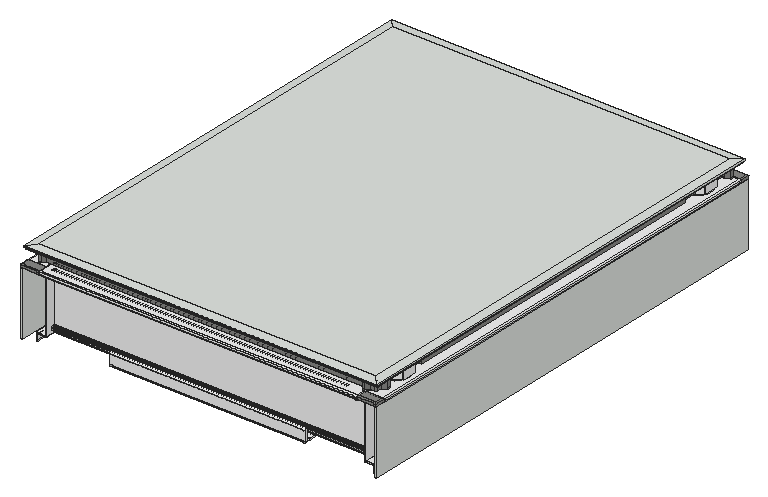
Revit family "Furniture-Mirror_Cabinet-KOHLER-Elosis-K-15031T", category Casework, host Face, Revit 2021
Family settings
  Host = Face
  OmniClass Number = 23.25.53.11.13.11
  OmniClass Title = Medicine Cabinet
  Cut with Voids When Loaded = No
  Shared = No
  Room Calculation Point = No
Parameters (values of type "NA-Mild Silver")
  Width = 20"  # constant formula
  WaterSense Certified = 1 = 0  # no
  URL = "http://www.kohler.com.cn/"
  Type = 1
  Product Page URL = "https://www.kohler.com.cn/product/K-15031T-NA/K-15031T-NA/"
  Product Name = "Elosis\r\n"  # constant formula
  Product Documentation Link = "https://files.kohler.com.cn/pdfs/15030t_35t.pdf"
  Model = "K-15031T-NA"  # constant formula
  Material = "Aluminium"  # constant formula
  Master Format 2014 Name = "Bathroom Casework"  # constant formula
  Master Format 2014 = "12 35 30.23"  # constant formula
  Manufacturer Address = "Kohler Beijing Office (100016) 36-2-03-B, No. 88, Liuxiang Road, Beijing"  # constant formula
  Manufacturer = "Kohler Co."  # constant formula
  Product Finish = KOHLER-Metal-NA-Mild_Silver
  Height = 26 9/64"  # constant formula
  Hardware Included = 0 = 1  # no
  Finish = "KOHLER-Metal-NA-Mild_Silver"  # constant formula
  Environmental Product Declaration = ""
  Description = "Mirror Cabinet 508mm\r\n"  # constant formula
  Depth = 4 207/256"  # constant formula
  Default Elevation = 60"
  Declare Label = ""
  Date Modified = "08/01/2022"  # constant formula
  Date Created = "08/01/2022"  # constant formula
  Copyright = "Copyright Kohler Co."  # constant formula
  Contact Us = "http://www.kohler.com.cn/contact/contact-us/"
  Construction Type = "Wall Mount"  # constant formula
  Assembly Code = "E2010.30"
  ADA Compliant = 1 = 0  # no
Reference planes (in)
  plane 1 "Center (Front/Back)": y = 0
  plane 2: z = 0
  plane 3 "Center (Left/Right)": x = 0
  plane 4: y = 13.07975
  plane 5: y = -13.06087
  plane 6: x = 10
  plane 7: x = -10
  plane 8: z = 3.90945
  plane 9: z = 4.80859
  plane 10: z = 4.04724
Dimensions and locks (in)
  "Width": plane 7 to plane 6
  "Height": plane 4 to plane 5
  plane 8 to level = 3.90945"
  "Depth": plane 9 to level
  plane 7 to plane 6 = 20"
  plane 10 to plane 9 = 0.76135"
  aligned and locked: plane 2 to host face
  aligned and locked: level to host face
Automatic sketch dimensions
  host sketch curve to host sketch curve = 96"  (x2)
Nested families (in)
  nested 1: "K-15031T" at (0, 0, 0), type "K-15031T"
Definition of nested family "K-15031T"
  Parameters
    Material = none
    Default Elevation = 0"
  Reference planes (in)
    plane 1 "Center (Front/Back)": y = 0
    plane 2: z = 0
    plane 3 "Center (Left/Right)": x = 0
    plane 4: z = 4.80709
    plane 5: x = 10
    plane 6: x = -10
    plane 7: z = 4.04724
    plane 8: z = 3.90945
    plane 9: y = 13.07975
    plane 10: y = -13.06198
  Forms (in)
    Sweep 1, solid
      path origin (0, 0, 0) x (1, 0, 0) y (0, 1, 0)
        loop
          line (-9.44882, 12.44981) -> (-9.44882, -12.43198) -> (9.44882, -12.43198) -> (9.44882, 12.44981) -> (-9.44882, 12.44981)
      profile origin (0, 12.44981, 0) x (0, 1, 0) y (0, 0, 1)
        loop
          line (0, 4.80709) -> (-0.85634, 4.80709) -> (-0.85634, 4.68898) -> (0.49213, 4.68898) -> (0.49213, 4.76772) -> (0, 4.80709)
    Extrusion 2, solid
      sketch origin (0, 0, 0) x (1, 0, 0) y (0, 1, 0)
        loop
          line (-8.59248, 11.59347) -> (-8.59248, -11.57564) -> (8.59248, -11.57564) -> (8.59248, 11.59347) -> (-8.59248, 11.59347)
      from 4.68898 to 4.80709
    Extrusion 3, solid
      sketch origin (0, 0, 0) x (1, 0, 0) y (0, 0, 1)
        loop
          line (10, 0.14961) -> (10, 3.69291)
          arc (10, 3.69291) -> (9.94094, 3.7126) -> (9.88189, 3.69291) r 0.09843
          line (9.88189, 3.69291) -> (9.88189, 0.14961)
          arc (9.88189, 0.14961) -> (9.94094, 0.12992) -> (10, 0.14961) r 0.09843
      from -13.0325 to 13.02312
    Extrusion 4, solid, material <- "Material", detail levels medium+fine
      sketch origin (0, 0, 0) x (1, 0, 0) y (0, 0, 1)
        loop
          line (9.89173, 4.61351) -> (9.89173, 4.68898) -> (-9.89173, 4.68898) -> (-9.89173, 4.61294)
          arc (-9.89173, 4.61294) -> (-9.88287, 4.59154) -> (-9.86147, 4.58268) r 0.03026
          line (-9.86147, 4.58268) -> (9.8609, 4.58268)
          arc (9.8609, 4.58268) -> (9.8827, 4.59171) -> (9.89173, 4.61351) r 0.03083
      from -12.83515 to 12.83414
    Extrusion 5, solid, detail levels medium+fine
      sketch origin (0, 0, 0) x (1, 0, 0) y (0, 1, 0)
        loop
          arc (9.39961, -12.43206) -> (9.4692, -12.40323) -> (9.49803, -12.33364) r 0.09843
          line (9.49803, -12.33364) -> (9.49803, 12.3514)
          arc (9.49803, 12.3514) -> (9.4692, 12.421) -> (9.39961, 12.44983) r 0.09843
          line (9.39961, 12.44983) -> (-9.40089, 12.44983)
          arc (-9.40089, 12.44983) -> (-9.46958, 12.42138) -> (-9.49803, 12.35269) r 0.09714
          line (-9.49803, 12.35269) -> (-9.49803, -12.33307)
          arc (-9.49803, -12.33307) -> (-9.46904, -12.40307) -> (-9.39904, -12.43206) r 0.09899
          line (-9.39904, -12.43206) -> (9.39961, -12.43206)
      from 4.04724 to 4.58268
    Extrusion 6, solid, detail levels medium+fine
      sketch origin (0.01969, 0, 0) x (0, 1, 0) y (0, 0, 1)
        loop
          line (12.83515, 4.19923) -> (12.83515, 4.58268) -> (12.44145, 4.58268) -> (12.44145, 4.04724) -> (12.79024, 4.1407)
          arc (12.79024, 4.1407) -> (12.82263, 4.16234) -> (12.83515, 4.19923) r 0.06059
      from 9.04528 to 9.1437
    Extrusion 7, solid, detail levels medium+fine
      sketch origin (-2.94342, 21.15208, 0) x (1, 0, 0) y (0, 0, 1)
        loop
          line (12.83515, 4.19923) -> (12.83515, 4.58268) -> (12.44145, 4.58268) -> (12.44145, 4.04724) -> (12.79024, 4.1407)
          arc (12.79024, 4.1407) -> (12.82263, 4.16234) -> (12.83515, 4.19923) r 0.06059
      from 9.0369 to 9.13532
    Extrusion 8, solid, material <- "Material", detail levels medium+fine
      sketch origin (0, 0, 0) x (1, 0, 0) y (0, 0, 1)
        loop
          line (9.95276, 3.86614) -> (9.95276, 3.75591) -> (9.90551, 3.75591) -> (9.90551, 3.7126) -> (9.97992, 3.7126)
          arc (9.97992, 3.7126) -> (9.99412, 3.71848) -> (10, 3.73268) r 0.02008
          line (10, 3.73268) -> (10, 3.85276)
          arc (10, 3.85276) -> (9.9834, 3.89284) -> (9.94331, 3.90945) r 0.05669
          line (9.94331, 3.90945) -> (8.96116, 3.90945)
          arc (8.96116, 3.90945) -> (8.94408, 3.90237) -> (8.93701, 3.88529) r 0.02416
          line (8.93701, 3.88529) -> (8.93701, 0.39075)
          arc (8.93701, 0.39075) -> (8.94421, 0.37335) -> (8.96161, 0.36614) r 0.0246
          line (8.96161, 0.36614) -> (9.4209, 0.36614)
          arc (9.4209, 0.36614) -> (9.43508, 0.36027) -> (9.44094, 0.3461) r 0.02004
          line (9.44094, 0.3461) -> (9.44094, 0.02355)
          arc (9.44094, 0.02355) -> (9.46457, -0.00007) -> (9.48819, 0.02355) r 0.02362
          line (9.48819, 0.02355) -> (9.48819, 0.39064)
          arc (9.48819, 0.39064) -> (9.48153, 0.40672) -> (9.46544, 0.41339) r 0.02275
          line (9.46544, 0.41339) -> (9.00643, 0.41339)
          arc (9.00643, 0.41339) -> (8.99075, 0.41988) -> (8.98425, 0.43557) r 0.02218
          line (8.98425, 0.43557) -> (8.98425, 3.84525)
          arc (8.98425, 3.84525) -> (8.99037, 3.86002) -> (9.00514, 3.86614) r 0.02089
          line (9.00514, 3.86614) -> (9.95276, 3.86614)
      from -12.56794 to 12.55017
    Extrusion 9, solid, material <- "Material", detail levels medium+fine
      sketch origin (0, 0.00838, 0) x (0, 1, 0) y (0, 0, 1)
        loop
          line (-12.03192, 0.36614) -> (-11.43256, 0.36614) -> (-11.43256, 0.19291)
          arc (-11.43256, 0.19291) -> (-11.40894, 0.16929) -> (-11.38532, 0.19291) r 0.02362
          line (-11.38532, 0.19291) -> (-11.38532, 0.36614) -> (-10.89709, 0.36614)
          arc (-10.89709, 0.36614) -> (-10.88039, 0.37306) -> (-10.87347, 0.38976) r 0.02362
          arc (-10.87347, 0.38976) -> (-10.88039, 0.40647) -> (-10.89709, 0.41339) r 0.02362
          line (-10.89709, 0.41339) -> (-11.88926, 0.41339)
          arc (-11.88926, 0.41339) -> (-11.97277, 0.44798) -> (-12.00737, 0.5315) r 0.11811
          line (-12.00737, 0.5315) -> (-12.00737, 3.83071)
          arc (-12.00737, 3.83071) -> (-12.03043, 3.88639) -> (-12.08611, 3.90945) r 0.07874
          line (-12.08611, 3.90945) -> (-13.0113, 3.90945)
          arc (-13.0113, 3.90945) -> (-13.05306, 3.89215) -> (-13.07036, 3.85039) r 0.05906
          line (-13.07036, 3.85039) -> (-13.07036, 3.73219)
          arc (-13.07036, 3.73219) -> (-13.06462, 3.71834) -> (-13.05077, 3.7126) r 0.01959
          line (-13.05077, 3.7126) -> (-12.97587, 3.7126) -> (-12.97587, 3.75984) -> (-13.02312, 3.75984) -> (-13.02312, 3.84148)
          arc (-13.02312, 3.84148) -> (-13.01705, 3.85614) -> (-13.00239, 3.8622) r 0.02072
          line (-13.00239, 3.8622) -> (-12.08857, 3.8622)
          arc (-12.08857, 3.8622) -> (-12.06456, 3.85226) -> (-12.05461, 3.82825) r 0.03396
          line (-12.05461, 3.82825) -> (-12.05461, 3.65252)
          arc (-12.05461, 3.65252) -> (-12.06201, 3.6374) -> (-12.07848, 3.63395) r 0.01916
          arc (-12.07848, 3.63395) -> (-12.13583, 3.63377) -> (-12.18598, 3.60596) r 0.11519
          arc (-12.18598, 3.60596) -> (-12.18762, 3.56551) -> (-12.14723, 3.56282) r 0.029
          arc (-12.14723, 3.56282) -> (-12.04524, 3.51645) -> (-12.14614, 3.46777) r 0.06186
          arc (-12.14614, 3.46777) -> (-12.18788, 3.46363) -> (-12.18401, 3.42187) r 0.02976
          arc (-12.18401, 3.42187) -> (-12.13312, 3.39649) -> (-12.07626, 3.39678) r 0.12271
          arc (-12.07626, 3.39678) -> (-12.0613, 3.39354) -> (-12.05461, 3.37978) r 0.0175
          line (-12.05461, 3.37978) -> (-12.05461, 0.78627)
          arc (-12.05461, 0.78627) -> (-12.06154, 0.77224) -> (-12.07689, 0.7692) r 0.01768
          arc (-12.07689, 0.7692) -> (-12.13503, 0.76964) -> (-12.18598, 0.74163) r 0.11519
          arc (-12.18598, 0.74163) -> (-12.18762, 0.70118) -> (-12.14723, 0.69849) r 0.029
          arc (-12.14723, 0.69849) -> (-12.04524, 0.65212) -> (-12.14614, 0.60344) r 0.06186
          arc (-12.14614, 0.60344) -> (-12.18788, 0.59929) -> (-12.18401, 0.55753) r 0.02976
          arc (-12.18401, 0.55753) -> (-12.13289, 0.5321) -> (-12.07579, 0.53257) r 0.12271
          arc (-12.07579, 0.53257) -> (-12.06116, 0.52944) -> (-12.05461, 0.516) r 0.01707
          line (-12.05461, 0.516) -> (-12.05461, 0.38884)
          arc (-12.05461, 0.38884) -> (-12.04797, 0.37279) -> (-12.03192, 0.36614) r 0.02269
      from -8.93701 to 8.93701
    Extrusion 10, solid, material <- "Material", detail levels medium+fine
      sketch origin (0, 0, 0) x (0, -1, 0) y (0, 0, -1)
        loop
          arc (-12.04131, -0.36614) -> (-12.05736, -0.37279) -> (-12.064, -0.38884) r 0.02269
          line (-12.064, -0.38884) -> (-12.064, -0.516)
          arc (-12.064, -0.516) -> (-12.07056, -0.52944) -> (-12.08518, -0.53257) r 0.01707
          arc (-12.08518, -0.53257) -> (-12.14228, -0.5321) -> (-12.19341, -0.55753) r 0.12271
          arc (-12.19341, -0.55753) -> (-12.19727, -0.59929) -> (-12.15554, -0.60344) r 0.02976
          arc (-12.15554, -0.60344) -> (-12.05463, -0.65212) -> (-12.15662, -0.69849) r 0.06186
          arc (-12.15662, -0.69849) -> (-12.19701, -0.70118) -> (-12.19537, -0.74163) r 0.029
          arc (-12.19537, -0.74163) -> (-12.14442, -0.76964) -> (-12.08628, -0.7692) r 0.11519
          arc (-12.08628, -0.7692) -> (-12.07093, -0.77224) -> (-12.064, -0.78627) r 0.01768
          line (-12.064, -0.78627) -> (-12.064, -3.37978)
          arc (-12.064, -3.37978) -> (-12.07069, -3.39354) -> (-12.08565, -3.39678) r 0.0175
          arc (-12.08565, -3.39678) -> (-12.14252, -3.39649) -> (-12.19341, -3.42187) r 0.12271
          arc (-12.19341, -3.42187) -> (-12.19727, -3.46363) -> (-12.15554, -3.46777) r 0.02976
          arc (-12.15554, -3.46777) -> (-12.05463, -3.51645) -> (-12.15662, -3.56282) r 0.06186
          arc (-12.15662, -3.56282) -> (-12.19701, -3.56551) -> (-12.19537, -3.60596) r 0.029
          arc (-12.19537, -3.60596) -> (-12.14522, -3.63377) -> (-12.08787, -3.63395) r 0.11519
          arc (-12.08787, -3.63395) -> (-12.0714, -3.6374) -> (-12.064, -3.65252) r 0.01916
          line (-12.064, -3.65252) -> (-12.064, -3.82825)
          arc (-12.064, -3.82825) -> (-12.07395, -3.85226) -> (-12.09796, -3.8622) r 0.03396
          line (-12.09796, -3.8622) -> (-13.01179, -3.8622)
          arc (-13.01179, -3.8622) -> (-13.02644, -3.85614) -> (-13.03251, -3.84148) r 0.02072
          line (-13.03251, -3.84148) -> (-13.03251, -3.75984) -> (-12.98526, -3.75984) -> (-12.98526, -3.7126) -> (-13.06016, -3.7126)
          arc (-13.06016, -3.7126) -> (-13.07402, -3.71834) -> (-13.07975, -3.73219) r 0.01959
          line (-13.07975, -3.73219) -> (-13.07975, -3.85039)
          arc (-13.07975, -3.85039) -> (-13.06246, -3.89215) -> (-13.0207, -3.90945) r 0.05906
          line (-13.0207, -3.90945) -> (-12.0955, -3.90945)
          arc (-12.0955, -3.90945) -> (-12.03982, -3.88639) -> (-12.01676, -3.83071) r 0.07874
          line (-12.01676, -3.83071) -> (-12.01676, -0.5315)
          arc (-12.01676, -0.5315) -> (-11.98217, -0.44798) -> (-11.89865, -0.41339) r 0.11811
          line (-11.89865, -0.41339) -> (-10.90649, -0.41339)
          arc (-10.90649, -0.41339) -> (-10.88978, -0.40647) -> (-10.88286, -0.38976) r 0.02362
          arc (-10.88286, -0.38976) -> (-10.88978, -0.37306) -> (-10.90649, -0.36614) r 0.02362
          line (-10.90649, -0.36614) -> (-11.39471, -0.36614) -> (-11.39471, -0.19291)
          arc (-11.39471, -0.19291) -> (-11.41834, -0.16929) -> (-11.44196, -0.19291) r 0.02362
          line (-11.44196, -0.19291) -> (-11.44196, -0.36614) -> (-12.04131, -0.36614)
      from -8.93701 to 8.93701
    Extrusion 11, solid, material <- "Material", detail levels medium+fine
      sketch origin (0, 0, 0) x (-1, 0, 0) y (0, 0, -1)
        loop
          line (9.95276, -3.86614) -> (9.00514, -3.86614)
          arc (9.00514, -3.86614) -> (8.99037, -3.86002) -> (8.98425, -3.84525) r 0.02089
          line (8.98425, -3.84525) -> (8.98425, -0.43557)
          arc (8.98425, -0.43557) -> (8.99075, -0.41988) -> (9.00643, -0.41339) r 0.02218
          line (9.00643, -0.41339) -> (9.46544, -0.41339)
          arc (9.46544, -0.41339) -> (9.48153, -0.40672) -> (9.48819, -0.39064) r 0.02275
          line (9.48819, -0.39064) -> (9.48819, -0.02355)
          arc (9.48819, -0.02355) -> (9.46457, 0.00007) -> (9.44094, -0.02355) r 0.02362
          line (9.44094, -0.02355) -> (9.44094, -0.3461)
          arc (9.44094, -0.3461) -> (9.43508, -0.36027) -> (9.4209, -0.36614) r 0.02004
          line (9.4209, -0.36614) -> (8.96161, -0.36614)
          arc (8.96161, -0.36614) -> (8.94421, -0.37335) -> (8.93701, -0.39075) r 0.0246
          line (8.93701, -0.39075) -> (8.93701, -3.88529)
          arc (8.93701, -3.88529) -> (8.94408, -3.90237) -> (8.96116, -3.90945) r 0.02416
          line (8.96116, -3.90945) -> (9.94331, -3.90945)
          arc (9.94331, -3.90945) -> (9.9834, -3.89284) -> (10, -3.85276) r 0.05669
          line (10, -3.85276) -> (10, -3.73268)
          arc (10, -3.73268) -> (9.99412, -3.71848) -> (9.97992, -3.7126) r 0.02008
          line (9.97992, -3.7126) -> (9.90551, -3.7126) -> (9.90551, -3.75591) -> (9.95276, -3.75591) -> (9.95276, -3.86614)
      from -12.56794 to 12.55017
    Sweep 12, solid, detail levels medium+fine
      path origin (0, 0.00838, 0) x (1, 0, 0) y (0, 1, 0)
        loop
          line (9.94094, -12.55855) -> (9.94094, -13.0113) -> (8.93701, -13.0113)
      profile origin (9.94094, -12.77655, 0) x (1, 0, 0) y (0, 0, 1)
        loop
          line (0.00471, 3.90945) -> (-0.16579, 3.90945) -> (-0.16579, 3.72835) -> (0.05906, 3.72835) -> (0.05906, 3.8551)
          arc (0.05906, 3.8551) -> (0.04314, 3.89353) -> (0.00471, 3.90945) r 0.05434
    Extrusion 13, solid, detail levels medium+fine
      sketch origin (10, -13.07036, 3.90945) x (-1, 0, 0) y (0, -1, 0)
        loop
          line (0.22485, -0.22485) -> (0.22485, -0.52019) -> (1.06299, -0.52019) -> (1.06299, -0.22485) -> (0.22485, -0.22485)
      from 0 to -0.1811
    Sweep 14, solid, detail levels medium+fine
      path origin (0, 0.00838, 0) x (-1, 0, 0) y (0, 1, 0)
        loop
          line (9.94094, -12.55855) -> (9.94094, -13.0113) -> (8.93701, -13.0113)
      profile origin (-9.94094, -12.77655, 0) x (1, 0, 0) y (0, 0, 1)
        loop
          arc (-0.00471, 3.90945) -> (-0.04314, 3.89353) -> (-0.05906, 3.8551) r 0.05434
          line (-0.05906, 3.8551) -> (-0.05906, 3.72835) -> (0.16579, 3.72835) -> (0.16579, 3.90945) -> (-0.00471, 3.90945)
    Extrusion 15, solid, detail levels medium+fine
      sketch origin (-10, -13.07036, 3.90945) x (1, 0, 0) y (0, 1, 0)
        loop
          line (0.22485, 0.22485) -> (1.06299, 0.22485) -> (1.06299, 0.52019) -> (0.22485, 0.52019) -> (0.22485, 0.22485)
      from 0 to -0.1811
    Sweep 16, solid, detail levels medium+fine
      path origin (0, 0.00939, 0) x (-1, 0, 0) y (0, -1, 0)
        loop
          line (9.94094, -12.55855) -> (9.94094, -13.0113) -> (8.93701, -13.0113)
      profile origin (-9.94094, 12.79432, 0) x (-1, 0, 0) y (0, 0, 1)
        loop
          line (0.00471, 3.90945) -> (-0.16579, 3.90945) -> (-0.16579, 3.72835) -> (0.05906, 3.72835) -> (0.05906, 3.8551)
          arc (0.05906, 3.8551) -> (0.04314, 3.89353) -> (0.00471, 3.90945) r 0.05434
    Extrusion 17, solid, detail levels medium+fine
      sketch origin (-10, 13.07036, 3.90945) x (1, 0, 0) y (0, 1, 0)
        loop
          line (0.22485, -0.21545) -> (0.22485, -0.50242) -> (1.06299, -0.50242) -> (1.06299, -0.21545) -> (0.22485, -0.21545)
      from 0 to -0.1811
    Sweep 18, solid, detail levels medium+fine
      path origin (0, 0.00939, 0) x (1, 0, 0) y (0, -1, 0)
        loop
          line (9.94094, -12.55855) -> (9.94094, -13.0113) -> (8.93701, -13.0113)
      profile origin (9.94094, 12.79432, 0) x (-1, 0, 0) y (0, 0, 1)
        loop
          arc (-0.00471, 3.90945) -> (-0.04314, 3.89353) -> (-0.05906, 3.8551) r 0.05434
          line (-0.05906, 3.8551) -> (-0.05906, 3.72835) -> (0.16579, 3.72835) -> (0.16579, 3.90945) -> (-0.00471, 3.90945)
    Extrusion 19, solid, detail levels medium+fine
      sketch origin (10, 13.07036, 3.90945) x (-1, 0, 0) y (0, -1, 0)
        loop
          line (0.22485, 0.1738) -> (1.06299, 0.1738) -> (1.06299, 0.50242) -> (0.22485, 0.50242) -> (0.22485, 0.1738)
      from 0 to -0.1811
    Extrusion 20, solid, material <- "Material", detail levels medium+fine
      sketch origin (-8.43307, 13.05169, 0.01969) x (-1, 0, 0) y (0, 0, 1)
        loop
          line (0.47244, 0.07874) -> (-0.47244, 0.07874)
          arc (-0.47244, 0.07874) -> (-0.52812, 0.1018) -> (-0.55118, 0.15748) r 0.07874
          line (-0.55118, 0.15748) -> (-0.55118, 0.55118) -> (-0.62992, 0.55118) -> (-0.62992, 0.15748)
          arc (-0.62992, 0.15748) -> (-0.5838, 0.04612) -> (-0.47244, 0) r 0.15748
          line (-0.47244, 0) -> (0.47244, 0)
          arc (0.47244, 0) -> (0.5838, 0.04612) -> (0.62992, 0.15748) r 0.15748
          line (0.62992, 0.15748) -> (0.62992, 0.55118) -> (0.55118, 0.55118) -> (0.55118, 0.15748)
          arc (0.55118, 0.15748) -> (0.52812, 0.1018) -> (0.47244, 0.07874) r 0.07874
      from -0.9252 to 0
    Extrusion 21, solid, material <- "Material", detail levels medium+fine
      sketch origin (8.43307, 13.05169, 0.01969) x (1, 0, 0) y (0, 0, -1)
        loop
          arc (0.47244, -0.07874) -> (0.52812, -0.1018) -> (0.55118, -0.15748) r 0.07874
          line (0.55118, -0.15748) -> (0.55118, -0.55118) -> (0.62992, -0.55118) -> (0.62992, -0.15748)
          arc (0.62992, -0.15748) -> (0.5838, -0.04612) -> (0.47244, 0) r 0.15748
          line (0.47244, 0) -> (-0.47244, 0)
          arc (-0.47244, 0) -> (-0.5838, -0.04612) -> (-0.62992, -0.15748) r 0.15748
          line (-0.62992, -0.15748) -> (-0.62992, -0.55118) -> (-0.55118, -0.55118) -> (-0.55118, -0.15748)
          arc (-0.55118, -0.15748) -> (-0.52812, -0.1018) -> (-0.47244, -0.07874) r 0.07874
          line (-0.47244, -0.07874) -> (0.47244, -0.07874)
      from -0.9252 to 0
    Extrusion 22, solid, material <- "Material", detail levels medium+fine
      sketch origin (9.37402, 9.09499, 3.27953) x (1, 0, 0) y (0, 1, 0)
        loop
          line (-0.0315, 1.86024) -> (-0.0315, 1.185)
          arc (-0.0315, 1.185) -> (-0.03525, 1.16654) -> (-0.04592, 1.15101) r 0.04724
          line (-0.04592, 1.15101) -> (-0.23186, 0.97145)
          arc (-0.23186, 0.97145) -> (-0.24965, 0.94558) -> (-0.25591, 0.91481) r 0.07874
          line (-0.25591, 0.91481) -> (-0.25591, -0.91481)
          arc (-0.25591, -0.91481) -> (-0.24965, -0.94558) -> (-0.23186, -0.97145) r 0.07874
          line (-0.23186, -0.97145) -> (-0.04592, -1.15101)
          arc (-0.04592, -1.15101) -> (-0.03525, -1.16654) -> (-0.0315, -1.185) r 0.04724
          line (-0.0315, -1.185) -> (-0.0315, -1.86024) -> (0, -1.86024) -> (0, -1.185)
          arc (0, -1.185) -> (-0.00626, -1.15423) -> (-0.02404, -1.12836) r 0.07874
          line (-0.02404, -1.12836) -> (-0.20998, -0.9488)
          arc (-0.20998, -0.9488) -> (-0.22065, -0.93327) -> (-0.22441, -0.91481) r 0.04724
          line (-0.22441, -0.91481) -> (-0.22441, 0.91481)
          arc (-0.22441, 0.91481) -> (-0.22065, 0.93327) -> (-0.20998, 0.9488) r 0.04724
          line (-0.20998, 0.9488) -> (-0.02404, 1.12836)
          arc (-0.02404, 1.12836) -> (-0.00626, 1.15423) -> (0, 1.185) r 0.07874
          line (0, 1.185) -> (0, 1.86024) -> (-0.0315, 1.86024)
      from -2.75591 to 0
    Extrusion 23, solid, material <- "Material", detail levels medium+fine
      sketch origin (9.37402, -9.09499, 3.27953) x (1, 0, 0) y (0, 1, 0)
        loop
          line (-0.0315, -1.86024) -> (0, -1.86024) -> (0, -1.185)
          arc (0, -1.185) -> (-0.00626, -1.15423) -> (-0.02404, -1.12836) r 0.07874
          line (-0.02404, -1.12836) -> (-0.20998, -0.9488)
          arc (-0.20998, -0.9488) -> (-0.22065, -0.93327) -> (-0.22441, -0.91481) r 0.04724
          line (-0.22441, -0.91481) -> (-0.22441, 0.91481)
          arc (-0.22441, 0.91481) -> (-0.22065, 0.93327) -> (-0.20998, 0.9488) r 0.04724
          line (-0.20998, 0.9488) -> (-0.02404, 1.12836)
          arc (-0.02404, 1.12836) -> (-0.00626, 1.15423) -> (0, 1.185) r 0.07874
          line (0, 1.185) -> (0, 1.86024) -> (-0.0315, 1.86024) -> (-0.0315, 1.185)
          arc (-0.0315, 1.185) -> (-0.03525, 1.16654) -> (-0.04592, 1.15101) r 0.04724
          line (-0.04592, 1.15101) -> (-0.23186, 0.97145)
          arc (-0.23186, 0.97145) -> (-0.24965, 0.94558) -> (-0.25591, 0.91481) r 0.07874
          line (-0.25591, 0.91481) -> (-0.25591, -0.91481)
          arc (-0.25591, -0.91481) -> (-0.24965, -0.94558) -> (-0.23186, -0.97145) r 0.07874
          line (-0.23186, -0.97145) -> (-0.04592, -1.15101)
          arc (-0.04592, -1.15101) -> (-0.03525, -1.16654) -> (-0.0315, -1.185) r 0.04724
          line (-0.0315, -1.185) -> (-0.0315, -1.86024)
      from -2.75591 to 0
    Extrusion 24, solid, material <- "Material", detail levels medium+fine
      sketch origin (9.37402, 9.09499, 3.27953) x (1, 0, 0) y (0, 1, 0)
        loop
          line (-0.0315, 1.86024) -> (-0.0315, 1.185)
          arc (-0.0315, 1.185) -> (-0.03525, 1.16654) -> (-0.04592, 1.15101) r 0.04724
          line (-0.04592, 1.15101) -> (-0.23186, 0.97145)
          arc (-0.23186, 0.97145) -> (-0.24965, 0.94558) -> (-0.25591, 0.91481) r 0.07874
          line (-0.25591, 0.91481) -> (-0.25591, -0.91481)
          arc (-0.25591, -0.91481) -> (-0.24965, -0.94558) -> (-0.23186, -0.97145) r 0.07874
          line (-0.23186, -0.97145) -> (-0.04592, -1.15101)
          arc (-0.04592, -1.15101) -> (-0.03525, -1.16654) -> (-0.0315, -1.185) r 0.04724
          line (-0.0315, -1.185) -> (-0.0315, -1.86024) -> (0, -1.86024) -> (0, -1.185)
          arc (0, -1.185) -> (-0.00626, -1.15423) -> (-0.02404, -1.12836) r 0.07874
          line (-0.02404, -1.12836) -> (-0.20998, -0.9488)
          arc (-0.20998, -0.9488) -> (-0.22065, -0.93327) -> (-0.22441, -0.91481) r 0.04724
          line (-0.22441, -0.91481) -> (-0.22441, 0.91481)
          arc (-0.22441, 0.91481) -> (-0.22065, 0.93327) -> (-0.20998, 0.9488) r 0.04724
          line (-0.20998, 0.9488) -> (-0.02404, 1.12836)
          arc (-0.02404, 1.12836) -> (-0.00626, 1.15423) -> (0, 1.185) r 0.07874
          line (0, 1.185) -> (0, 1.86024) -> (-0.0315, 1.86024)
      from -2.75591 to 0
    Extrusion 25, solid, material <- "Material", detail levels medium+fine
      sketch origin (-9.37402, 9.09499, 3.27953) x (-1, 0, 0) y (0, -1, 0)
        loop
          line (-0.0315, -1.86024) -> (0, -1.86024) -> (0, -1.185)
          arc (0, -1.185) -> (-0.00626, -1.15423) -> (-0.02404, -1.12836) r 0.07874
          line (-0.02404, -1.12836) -> (-0.20998, -0.9488)
          arc (-0.20998, -0.9488) -> (-0.22065, -0.93327) -> (-0.22441, -0.91481) r 0.04724
          line (-0.22441, -0.91481) -> (-0.22441, 0.91481)
          arc (-0.22441, 0.91481) -> (-0.22065, 0.93327) -> (-0.20998, 0.9488) r 0.04724
          line (-0.20998, 0.9488) -> (-0.02404, 1.12836)
          arc (-0.02404, 1.12836) -> (-0.00626, 1.15423) -> (0, 1.185) r 0.07874
          line (0, 1.185) -> (0, 1.86024) -> (-0.0315, 1.86024) -> (-0.0315, 1.185)
          arc (-0.0315, 1.185) -> (-0.03525, 1.16654) -> (-0.04592, 1.15101) r 0.04724
          line (-0.04592, 1.15101) -> (-0.23186, 0.97145)
          arc (-0.23186, 0.97145) -> (-0.24965, 0.94558) -> (-0.25591, 0.91481) r 0.07874
          line (-0.25591, 0.91481) -> (-0.25591, -0.91481)
          arc (-0.25591, -0.91481) -> (-0.24965, -0.94558) -> (-0.23186, -0.97145) r 0.07874
          line (-0.23186, -0.97145) -> (-0.04592, -1.15101)
          arc (-0.04592, -1.15101) -> (-0.03525, -1.16654) -> (-0.0315, -1.185) r 0.04724
          line (-0.0315, -1.185) -> (-0.0315, -1.86024)
      from -2.75591 to 0
    Extrusion 26, solid, material <- "Material", detail levels medium+fine
      sketch origin (-9.37402, -9.09499, 3.27953) x (-1, 0, 0) y (0, -1, 0)
        loop
          line (-0.0315, 1.86024) -> (-0.0315, 1.185)
          arc (-0.0315, 1.185) -> (-0.03525, 1.16654) -> (-0.04592, 1.15101) r 0.04724
          line (-0.04592, 1.15101) -> (-0.23186, 0.97145)
          arc (-0.23186, 0.97145) -> (-0.24965, 0.94558) -> (-0.25591, 0.91481) r 0.07874
          line (-0.25591, 0.91481) -> (-0.25591, -0.91481)
          arc (-0.25591, -0.91481) -> (-0.24965, -0.94558) -> (-0.23186, -0.97145) r 0.07874
          line (-0.23186, -0.97145) -> (-0.04592, -1.15101)
          arc (-0.04592, -1.15101) -> (-0.03525, -1.16654) -> (-0.0315, -1.185) r 0.04724
          line (-0.0315, -1.185) -> (-0.0315, -1.86024) -> (0, -1.86024) -> (0, -1.185)
          arc (0, -1.185) -> (-0.00626, -1.15423) -> (-0.02404, -1.12836) r 0.07874
          line (-0.02404, -1.12836) -> (-0.20998, -0.9488)
          arc (-0.20998, -0.9488) -> (-0.22065, -0.93327) -> (-0.22441, -0.91481) r 0.04724
          line (-0.22441, -0.91481) -> (-0.22441, 0.91481)
          arc (-0.22441, 0.91481) -> (-0.22065, 0.93327) -> (-0.20998, 0.9488) r 0.04724
          line (-0.20998, 0.9488) -> (-0.02404, 1.12836)
          arc (-0.02404, 1.12836) -> (-0.00626, 1.15423) -> (0, 1.185) r 0.07874
          line (0, 1.185) -> (0, 1.86024) -> (-0.0315, 1.86024)
      from -2.75591 to 0
    Extrusion 27, solid, material <- "Material", detail levels medium+fine
      sketch origin (8.75, 10.6192, 4.1063) x (0, -1, 0) y (1, 0, 0)
        loop
          line (-0.3937, 1.14173) -> (-0.3937, 1.03624)
          arc (-0.3937, 1.03624) -> (0, -0.4346) -> (0.3937, 1.03624) r 0.78811
          line (0.3937, 1.03624) -> (0.3937, 1.14173) -> (-0.3937, 1.14173)
      from 0.05906 to 0.47638
    Extrusion 28, solid
      sketch origin (0, 0, 0) x (-1, 0, 0) y (0, 0, -1)
        loop
          arc (10, -0.14961) -> (9.94094, -0.12992) -> (9.88189, -0.14961) r 0.09843
          line (9.88189, -0.14961) -> (9.88189, -3.69291)
          arc (9.88189, -3.69291) -> (9.94094, -3.7126) -> (10, -3.69291) r 0.09843
          line (10, -3.69291) -> (10, -0.14961)
      from -13.0325 to 13.02312
    Extrusion 29, solid, detail levels medium+fine
      sketch origin (2.94342, 21.15208, 0) x (-1, 0, 0) y (0, 0, -1)
        loop
          arc (12.83515, -4.19923) -> (12.82263, -4.16234) -> (12.79024, -4.1407) r 0.06059
          line (12.79024, -4.1407) -> (12.44145, -4.04724) -> (12.44145, -4.58268) -> (12.83515, -4.58268) -> (12.83515, -4.19923)
      from 9.0369 to 9.13532
    Extrusion 30, solid, detail levels medium+fine
      sketch origin (-0.01969, 0, 0) x (0, 1, 0) y (0, 0, -1)
        loop
          arc (12.83515, -4.19923) -> (12.82263, -4.16234) -> (12.79024, -4.1407) r 0.06059
          line (12.79024, -4.1407) -> (12.44145, -4.04724) -> (12.44145, -4.58268) -> (12.83515, -4.58268) -> (12.83515, -4.19923)
      from 9.04528 to 9.1437
    Extrusion 31, solid, material <- "Material", detail levels medium+fine
      sketch origin (8.75, 10.61074, 4.1063) x (0, -1, 0) y (1, 0, 0)
        loop
          line (-0.86741, 0.47244) -> (-1.13051, 0.47244)
          arc (-1.13051, 0.47244) -> (-1.2001, 0.44361) -> (-1.22893, 0.37402) r 0.09843
          line (-1.22893, 0.37402) -> (-1.22893, -0.27559)
          arc (-1.22893, -0.27559) -> (-1.2001, -0.34519) -> (-1.13051, -0.37402) r 0.09843
          line (-1.13051, -0.37402) -> (1.11359, -0.37402)
          arc (1.11359, -0.37402) -> (1.18319, -0.34519) -> (1.21201, -0.27559) r 0.09843
          line (1.21201, -0.27559) -> (1.21201, 0.37402)
          arc (1.21201, 0.37402) -> (1.18319, 0.44361) -> (1.11359, 0.47244) r 0.09843
          line (1.11359, 0.47244) -> (0.8505, 0.47244)
          arc (0.8505, 0.47244) -> (0.79, 0.49323) -> (0.75506, 0.54681) r 0.09843
          arc (0.75506, 0.54681) -> (-0.00846, 1.14173) -> (-0.77197, 0.54681) r 0.7874
          arc (-0.77197, 0.54681) -> (-0.80692, 0.49323) -> (-0.86741, 0.47244) r 0.09843
      from 0 to 0.05906
    Extrusion 32, solid, material <- "Material", detail levels medium+fine
      sketch origin (0, 0, 0) x (1, 0, 0) y (0, 0, 1)
        loop
          line (9.18401, 4.04724) -> (9.12402, 4.04724)
          arc (9.12402, 4.04724) -> (9.07917, 3.9901) -> (9.00981, 3.9685) r 0.1222
          line (9.00981, 3.9685) -> (8.95669, 3.9685)
          arc (8.95669, 3.9685) -> (8.90102, 3.94544) -> (8.87795, 3.88976) r 0.07874
          line (8.87795, 3.88976) -> (8.87795, 3.14173)
          arc (8.87795, 3.14173) -> (8.90102, 3.08605) -> (8.95669, 3.06299) r 0.07874
          line (8.95669, 3.06299) -> (9.05512, 3.06299) -> (9.05512, 3.12205) -> (8.95669, 3.12205)
          arc (8.95669, 3.12205) -> (8.94277, 3.12781) -> (8.93701, 3.14173) r 0.01969
          line (8.93701, 3.14173) -> (8.93701, 3.88976)
          arc (8.93701, 3.88976) -> (8.94277, 3.90368) -> (8.95669, 3.90945) r 0.01969
          line (8.95669, 3.90945) -> (9.13386, 3.90945) -> (9.18401, 4.04724)
      from -11.21951 to -10.01873
    Sweep 33, solid, material <- "Material", detail levels medium+fine
      path origin (0, 0, 0) x (1, 0, 0) y (0, 1, 0)
        loop
          arc (-8.71063, 11.85928) -> (-8.80807, 11.81892) -> (-8.84843, 11.72148) r 0.1378
          line (-8.84843, 11.72148) -> (-8.84843, -11.70371)
          arc (-8.84843, -11.70371) -> (-8.80807, -11.80115) -> (-8.71063, -11.84151) r 0.1378
          line (-8.71063, -11.84151) -> (6.34843, -11.84151)
          arc (6.34843, -11.84151) -> (6.44586, -11.80115) -> (6.48622, -11.70371) r 0.1378
          line (6.48622, -11.70371) -> (6.48622, 11.72148)
          arc (6.48622, 11.72148) -> (6.44586, 11.81892) -> (6.34843, 11.85928) r 0.1378
          line (6.34843, 11.85928) -> (-8.71063, 11.85928)
      profile origin (-1.1811, 11.85928, 0) x (0, 1, 0) y (0, 0, 1)
        loop
          arc (0, 3.93817) -> (0.00841, 3.91786) -> (0.02872, 3.90945) r 0.02872
          line (0.02872, 3.90945) -> (0.07053, 3.90945)
          arc (0.07053, 3.90945) -> (0.09025, 3.91762) -> (0.09843, 3.93735) r 0.0279
          line (0.09843, 3.93735) -> (0.09843, 4.02006)
          arc (0.09843, 4.02006) -> (0.10639, 4.03928) -> (0.12561, 4.04724) r 0.02718
          line (0.12561, 4.04724) -> (0.15748, 4.04724) -> (0.15748, 4.14567) -> (0.02422, 4.14567)
          arc (0.02422, 4.14567) -> (0.00709, 4.13858) -> (0, 4.12145) r 0.02422
          line (0, 4.12145) -> (0, 3.93817)
    Extrusion 34, void
      sketch origin (0, 0, 0) x (0, 1, 0) y (0, 0, 1)
        loop
          line (9.22148, 4.18504) -> (9.22148, 3.95443) -> (12.00838, 3.95443) -> (12.00838, 4.18504) -> (9.22148, 4.18504)
      from 8.28143 to 10.08697
    Extrusion 35, solid, material <- "Material", detail levels medium+fine
      sketch origin (0, 0, 0) x (1, 0, 0) y (0, 1, 0)
        loop
          line (9.12314, 11.80022) -> (8.47441, 11.80022)
          arc (8.47441, 11.80022) -> (8.43265, 11.78293) -> (8.41535, 11.74117) r 0.05906
          line (8.41535, 11.74117) -> (8.41535, 11.34747)
          arc (8.41535, 11.34747) -> (8.43265, 11.30571) -> (8.47441, 11.28841) r 0.05906
          line (8.47441, 11.28841) -> (9.12205, 11.28841)
          arc (9.12205, 11.28841) -> (9.1652, 11.30629) -> (9.18307, 11.34944) r 0.06102
          line (9.18307, 11.34944) -> (9.18307, 11.7403)
          arc (9.18307, 11.7403) -> (9.16552, 11.78267) -> (9.12314, 11.80022) r 0.05993
        loop
          line (8.41535, 9.88974) -> (8.41535, 9.49707)
          arc (8.41535, 9.49707) -> (8.43265, 9.45531) -> (8.47441, 9.43802) r 0.05906
          line (8.47441, 9.43802) -> (9.12402, 9.43802)
          arc (9.12402, 9.43802) -> (9.16577, 9.45531) -> (9.18307, 9.49707) r 0.05906
          line (9.18307, 9.49707) -> (9.18307, 9.89077)
          arc (9.18307, 9.89077) -> (9.16577, 9.93253) -> (9.12402, 9.94983) r 0.05906
          line (9.12402, 9.94983) -> (8.47544, 9.94983)
          arc (8.47544, 9.94983) -> (8.43295, 9.93223) -> (8.41535, 9.88974) r 0.06009
      from 4.04622 to 4.1063
    Extrusion 36, solid, detail levels medium+fine
      sketch origin (0.01969, 0, 0) x (0, -1, 0) y (0, 0, -1)
        loop
          arc (12.82576, -4.19923) -> (12.81324, -4.16234) -> (12.78085, -4.1407) r 0.06059
          line (12.78085, -4.1407) -> (12.43206, -4.04724) -> (12.43206, -4.58268) -> (12.82576, -4.58268) -> (12.82576, -4.19923)
      from 9.04528 to 9.1437
    Extrusion 37, solid, detail levels medium+fine
      sketch origin (-2.94342, -21.15208, 0) x (1, 0, 0) y (0, 0, -1)
        loop
          arc (12.83515, -4.19923) -> (12.82263, -4.16234) -> (12.79024, -4.1407) r 0.06059
          line (12.79024, -4.1407) -> (12.44145, -4.04724) -> (12.44145, -4.58268) -> (12.83515, -4.58268) -> (12.83515, -4.19923)
      from 9.05466 to 9.15309
    Extrusion 38, solid, detail levels medium+fine
      sketch origin (2.94342, -21.15208, 0) x (-1, 0, 0) y (0, 0, 1)
        loop
          line (12.83515, 4.19923) -> (12.83515, 4.58268) -> (12.44145, 4.58268) -> (12.44145, 4.04724) -> (12.79024, 4.1407)
          arc (12.79024, 4.1407) -> (12.82263, 4.16234) -> (12.83515, 4.19923) r 0.06059
      from 9.05466 to 9.15309
    Extrusion 39, solid, detail levels medium+fine
      sketch origin (-0.01969, -0.04647, 0) x (0, -1, 0) y (0, 0, 1)
        loop
          line (12.77929, 4.19923) -> (12.77929, 4.58268) -> (12.38559, 4.58268) -> (12.38559, 4.04724) -> (12.73438, 4.1407)
          arc (12.73438, 4.1407) -> (12.76677, 4.16234) -> (12.77929, 4.19923) r 0.06059
      from 9.04528 to 9.1437
    Extrusion 40, solid, material <- "Material", detail levels medium+fine
      sketch origin (8.75, -10.6192, 4.1063) x (0, -1, 0) y (1, 0, 0)
        loop
          line (0.3937, 1.14173) -> (-0.3937, 1.14173) -> (-0.3937, 1.03624)
          arc (-0.3937, 1.03624) -> (0, -0.4346) -> (0.3937, 1.03624) r 0.78811
          line (0.3937, 1.03624) -> (0.3937, 1.14173)
      from 0.05906 to 0.47638
    Extrusion 41, solid, material <- "Material", detail levels medium+fine
      sketch origin (8.75, -10.61074, 4.1063) x (0, -1, 0) y (1, 0, 0)
        loop
          arc (0.86741, 0.47244) -> (0.80692, 0.49323) -> (0.77197, 0.54681) r 0.09843
          arc (0.77197, 0.54681) -> (0.00846, 1.14173) -> (-0.75506, 0.54681) r 0.7874
          arc (-0.75506, 0.54681) -> (-0.79, 0.49323) -> (-0.8505, 0.47244) r 0.09843
          line (-0.8505, 0.47244) -> (-1.11359, 0.47244)
          arc (-1.11359, 0.47244) -> (-1.18319, 0.44361) -> (-1.21201, 0.37402) r 0.09843
          line (-1.21201, 0.37402) -> (-1.21201, -0.27559)
          arc (-1.21201, -0.27559) -> (-1.18319, -0.34519) -> (-1.11359, -0.37402) r 0.09843
          line (-1.11359, -0.37402) -> (1.13051, -0.37402)
          arc (1.13051, -0.37402) -> (1.2001, -0.34519) -> (1.22893, -0.27559) r 0.09843
          line (1.22893, -0.27559) -> (1.22893, 0.37402)
          arc (1.22893, 0.37402) -> (1.2001, 0.44361) -> (1.13051, 0.47244) r 0.09843
          line (1.13051, 0.47244) -> (0.86741, 0.47244)
      from 0 to 0.05906
    Extrusion 42, solid, material <- "Material", detail levels medium+fine
      sketch origin (0, 0, 0) x (1, 0, 0) y (0, 1, 0)
        loop
          arc (9.12314, -11.80022) -> (9.16552, -11.78267) -> (9.18307, -11.7403) r 0.05993
          line (9.18307, -11.7403) -> (9.18307, -11.34944)
          arc (9.18307, -11.34944) -> (9.1652, -11.30629) -> (9.12205, -11.28841) r 0.06102
          line (9.12205, -11.28841) -> (8.47441, -11.28841)
          arc (8.47441, -11.28841) -> (8.43265, -11.30571) -> (8.41535, -11.34747) r 0.05906
          line (8.41535, -11.34747) -> (8.41535, -11.74117)
          arc (8.41535, -11.74117) -> (8.43265, -11.78293) -> (8.47441, -11.80022) r 0.05906
          line (8.47441, -11.80022) -> (9.12314, -11.80022)
        loop
          arc (8.41535, -9.88974) -> (8.43295, -9.93223) -> (8.47544, -9.94983) r 0.06009
          line (8.47544, -9.94983) -> (9.12402, -9.94983)
          arc (9.12402, -9.94983) -> (9.16577, -9.93253) -> (9.18307, -9.89077) r 0.05906
          line (9.18307, -9.89077) -> (9.18307, -9.49707)
          arc (9.18307, -9.49707) -> (9.16577, -9.45531) -> (9.12402, -9.43802) r 0.05906
          line (9.12402, -9.43802) -> (8.47441, -9.43802)
          arc (8.47441, -9.43802) -> (8.43265, -9.45531) -> (8.41535, -9.49707) r 0.05906
          line (8.41535, -9.49707) -> (8.41535, -9.88974)
      from 4.02756 to 4.1063
    Extrusion 43, solid, material <- "Material", detail levels medium+fine
      sketch origin (0, 0, 0) x (1, 0, 0) y (0, 0, -1)
        loop
          line (9.18401, -4.04724) -> (9.13386, -3.90945) -> (8.95669, -3.90945)
          arc (8.95669, -3.90945) -> (8.94277, -3.90368) -> (8.93701, -3.88976) r 0.01969
          line (8.93701, -3.88976) -> (8.93701, -3.14173)
          arc (8.93701, -3.14173) -> (8.94277, -3.12781) -> (8.95669, -3.12205) r 0.01969
          line (8.95669, -3.12205) -> (9.05512, -3.12205) -> (9.05512, -3.06299) -> (8.95669, -3.06299)
          arc (8.95669, -3.06299) -> (8.90102, -3.08605) -> (8.87795, -3.14173) r 0.07874
          line (8.87795, -3.14173) -> (8.87795, -3.88976)
          arc (8.87795, -3.88976) -> (8.90102, -3.94544) -> (8.95669, -3.9685) r 0.07874
          line (8.95669, -3.9685) -> (9.00981, -3.9685)
          arc (9.00981, -3.9685) -> (9.07917, -3.9901) -> (9.12402, -4.04724) r 0.1222
          line (9.12402, -4.04724) -> (9.18401, -4.04724)
      from -11.21951 to -10.01873
    Extrusion 44, void
      sketch origin (0, 0, 0) x (0, -1, 0) y (0, 0, -1)
        loop
          line (9.22148, -4.18504) -> (12.00838, -4.18504) -> (12.00838, -3.95443) -> (9.22148, -3.95443) -> (9.22148, -4.18504)
      from 8.28143 to 10.08697
    Extrusion 45, solid, material <- "Material", detail levels medium+fine
      sketch origin (-5.56693, -12.31395, -0.01181) x (0, 0, 1) y (0, 1, 0)
        loop
          line (0.03311, 0) -> (0.59055, 0)
          arc (0.59055, 0) -> (0.67407, 0.03459) -> (0.70866, 0.11811) r 0.11811
          line (0.70866, 0.11811) -> (0.70866, 0.25197) -> (0.64961, 0.25197) -> (0.64961, 0.11197)
          arc (0.64961, 0.11197) -> (0.63411, 0.07455) -> (0.59669, 0.05906) r 0.05291
          line (0.59669, 0.05906) -> (0.11721, 0.05906)
          arc (0.11721, 0.05906) -> (0.07609, 0.07609) -> (0.05906, 0.11721) r 0.05816
          line (0.05906, 0.11721) -> (0.05906, 0.30625) -> (0.11024, 0.35743) -> (0.11024, 0.69769) -> (0.05906, 0.74887) -> (0.05906, 0.88189) -> (0.01181, 0.88189) -> (0.01181, 0.7126) -> (0.05118, 0.67323) -> (0.05118, 0.38189) -> (0.01181, 0.34252) -> (0.01181, 0.0213)
          arc (0.01181, 0.0213) -> (0.01805, 0.00624) -> (0.03311, 0) r 0.0213
      from -11.02362 to 0
    Extrusion 46, solid
      sketch origin (0, 0, 0) x (1, 0, 0) y (0, 1, 0)
        loop
          line (9.38976, 11.3081) -> (-9.38976, 11.3081) -> (-9.38976, -11.29033) -> (9.38976, -11.29033) -> (9.38976, 11.3081)
      from 0.24803 to 0.36614
    Extrusion 47, solid, material <- "Material", detail levels medium+fine
      sketch origin (0, 0, 0) x (0, 1, 0) y (0, 0, 1)
        loop
          circle (6.00896, 3.12163) r 0.09654
        loop
          circle (6.00896, 0.87725) r 0.09654
        loop
          circle (-5.99127, 3.12163) r 0.09654
        loop
          circle (-5.99127, 0.87725) r 0.09654
      from 8.93701 to 9.23228
    Extrusion 48, solid, material <- "Material", detail levels medium+fine
      sketch origin (0, 0, 0) x (0, 1, 0) y (0, 0, -1)
        loop
          circle (6.00896, -3.12163) r 0.09654
        loop
          circle (6.00896, -0.87725) r 0.09654
        loop
          circle (-5.99127, -3.12163) r 0.09654
        loop
          circle (-5.99127, -0.87725) r 0.09654
      from 8.93701 to 9.23228
    Extrusion 49, solid, material <- "Material", detail levels coarse
      sketch origin (0, 0, 0) x (1, 0, 0) y (0, 0, 1)
        loop
          line (-10, 3.7126) -> (10, 3.7126) -> (10, 4.68898) -> (-10, 4.68898) -> (-10, 3.7126)
      from -13.07975 to 13.06198
    Extrusion 50, solid, material <- "Material", detail levels coarse
      sketch origin (0, 0, 0) x (1, 0, 0) y (0, 0, 1)
        loop
          line (9.48819, 0.36614) -> (9.48819, 3.72835) -> (-9.48819, 3.72835) -> (-9.48819, 0.36614) -> (9.48819, 0.36614)
      from -13.05169 to 13.02312
  Cuts and joins
    joined: Sweep 18, Extrusion 19
    joined: Sweep 12, Extrusion 13
    joined: Sweep 14, Extrusion 15
    joined: Sweep 16, Extrusion 17
    Extrusion 34, Extrusion 44 cuts Extrusion 5
    joined: Extrusion 5, Extrusion 29, Extrusion 38, Extrusion 39
    Extrusion 44 cuts Extrusion 31
    Extrusion 44 cuts Extrusion 35
    joined: Extrusion 31, Extrusion 35
    Extrusion 44 cuts Extrusion 32
    Extrusion 44 cuts Extrusion 27
    joined: Sweep 1, Extrusion 2
    Extrusion 44 cuts Extrusion 7
    joined: Extrusion 6, Extrusion 7, Extrusion 30, Extrusion 36, Extrusion 37
  Lines and regions (in)
    Masking region 1
      outline origin (0, 0, 0) x (1, 0, 0) y (0, 0, 1)
        loop
          line (9.94073, 3.90945) -> (9.13386, 3.90945) -> (9.18401, 4.04724) -> (9.49803, 4.04724) -> (9.71843, 4.1063) -> (9.79331, 4.1063) -> (9.81503, 4.13218) -> (9.85496, 4.14288)
          arc (9.85496, 4.14288) -> (9.88148, 4.1606) -> (9.89173, 4.1908) r 0.04961
          line (9.89173, 4.1908) -> (9.89173, 4.68898) -> (9.94094, 4.68898) -> (9.94094, 4.76772) -> (9.44882, 4.80709) -> (-9.44882, 4.80709) -> (-9.94094, 4.76772) -> (-9.94094, 4.68898) -> (-9.89173, 4.68898) -> (-9.89173, 4.19805)
          arc (-9.89173, 4.19805) -> (-9.87953, 4.1621) -> (-9.84796, 4.14101) r 0.05906
          line (-9.84796, 4.14101) -> (-9.49803, 4.04724) -> (-8.97695, 4.04724)
          arc (-8.97695, 4.04724) -> (-8.95567, 4.03843) -> (-8.94685, 4.01715) r 0.0301
          line (-8.94685, 4.01715) -> (-8.94685, 3.93898)
          arc (-8.94685, 3.93898) -> (-8.93875, 3.91864) -> (-8.91889, 3.90945) r 0.02957
          line (-8.91889, 3.90945) -> (-9.94073, 3.90945)
          arc (-9.94073, 3.90945) -> (-9.98264, 3.89209) -> (-10, 3.85017) r 0.05927
          line (-10, 3.85017) -> (-10, 3.73284)
          arc (-10, 3.73284) -> (-9.99407, 3.71853) -> (-9.97976, 3.7126) r 0.02024
          line (-9.97976, 3.7126) -> (-9.94094, 3.7126)
          arc (-9.94094, 3.7126) -> (-9.97207, 3.70755) -> (-10, 3.69291) r 0.09842
          line (-10, 3.69291) -> (-10, 0.14961)
          arc (-10, 0.14961) -> (-9.94094, 0.12951) -> (-9.88189, 0.14961) r 0.09681
          line (-9.88189, 0.14961) -> (-9.88189, 3.69291)
          arc (-9.88189, 3.69291) -> (-9.90637, 3.70637) -> (-9.93358, 3.71268) r 0.10206
          arc (-9.93358, 3.71268) -> (-9.91721, 3.7163) -> (-9.90555, 3.72835) r 0.02911
          line (-9.90555, 3.72835) -> (-8.98425, 3.72835) -> (-8.98619, 3.24816)
          arc (-8.98619, 3.24816) -> (-8.99766, 3.23548) -> (-9, 3.21854) r 0.02904
          line (-9, 3.21854) -> (-9.11811, 3.21854) -> (-9.11811, 3.27953) -> (-9.37402, 3.27953) -> (-9.37402, 0.52362) -> (-9.11811, 0.52362) -> (-9.11811, 0.78135) -> (-9, 0.78135)
          arc (-9, 0.78135) -> (-8.99787, 0.76519) -> (-8.98667, 0.75334) r 0.02646
          line (-8.98667, 0.75334) -> (-8.98517, 0.57087) -> (-9.06299, 0.57087) -> (-9.06299, 0.41339) -> (-9.46845, 0.41339)
          arc (-9.46845, 0.41339) -> (-9.48241, 0.4076) -> (-9.48819, 0.39365) r 0.01974
          line (-9.48819, 0.39365) -> (-9.48819, 0.02354)
          arc (-9.48819, 0.02354) -> (-9.46457, -0.00008) -> (-9.44094, 0.02354) r 0.02362
          line (-9.44094, 0.02354) -> (-9.44094, 0.36614) -> (-9.38976, 0.36614) -> (-9.38976, 0.24803) -> (-9.06299, 0.24803) -> (-9.06299, 0.17341)
          arc (-9.06299, 0.17341) -> (-9.01797, 0.06471) -> (-8.90927, 0.01969) r 0.15372
          line (-8.90927, 0.01969) -> (-7.96063, 0.01969)
          arc (-7.96063, 0.01969) -> (-7.85203, 0.06304) -> (-7.80315, 0.16926) r 0.15769
          line (-7.80315, 0.16926) -> (-5.56693, 0.16926) -> (-5.56693, 0) -> (5.45669, 0) -> (5.45669, 0.16926) -> (7.80315, 0.16926)
          arc (7.80315, 0.16926) -> (7.85203, 0.06304) -> (7.96063, 0.01969) r 0.15769
          line (7.96063, 0.01969) -> (8.90927, 0.01969)
          arc (8.90927, 0.01969) -> (9.01797, 0.06471) -> (9.06299, 0.17341) r 0.15372
          line (9.06299, 0.17341) -> (9.06299, 0.24803) -> (9.38976, 0.24803) -> (9.38976, 0.36614) -> (9.44094, 0.36614) -> (9.44094, 0.02354)
          arc (9.44094, 0.02354) -> (9.46457, -0.00008) -> (9.48819, 0.02354) r 0.02362
          line (9.48819, 0.02354) -> (9.48819, 0.39365)
          arc (9.48819, 0.39365) -> (9.48241, 0.4076) -> (9.46845, 0.41339) r 0.01974
          line (9.46845, 0.41339) -> (9.06299, 0.41339) -> (9.06299, 0.57087) -> (8.98517, 0.57087) -> (8.98667, 0.75334)
          arc (8.98667, 0.75334) -> (8.99787, 0.76519) -> (9, 0.78135) r 0.02646
          line (9, 0.78135) -> (9.11811, 0.78135) -> (9.11811, 0.52362) -> (9.37402, 0.52362) -> (9.37402, 3.27953) -> (9.11811, 3.27953) -> (9.11811, 3.21854) -> (9, 3.21854)
          arc (9, 3.21854) -> (8.99766, 3.23548) -> (8.98619, 3.24816) r 0.02904
          line (8.98619, 3.24816) -> (8.98428, 3.72835) -> (9.90555, 3.72835)
          arc (9.90555, 3.72835) -> (9.91726, 3.71624) -> (9.93368, 3.7125) r 0.02954
          arc (9.93368, 3.7125) -> (9.90645, 3.70625) -> (9.88189, 3.69291) r 0.10307
          line (9.88189, 3.69291) -> (9.88189, 0.14961)
          arc (9.88189, 0.14961) -> (9.94094, 0.12999) -> (10, 0.14961) r 0.0987
          line (10, 0.14961) -> (10, 3.69291)
          arc (10, 3.69291) -> (9.97389, 3.70753) -> (9.9444, 3.7126) r 0.08835
          line (9.9444, 3.7126) -> (9.97976, 3.7126)
          arc (9.97976, 3.7126) -> (9.99407, 3.71853) -> (10, 3.73284) r 0.02024
          line (10, 3.73284) -> (10, 3.85017)
          arc (10, 3.85017) -> (9.98264, 3.89209) -> (9.94073, 3.90945) r 0.05927
        loop
          arc (-8.98425, 0.17684) -> (-8.96128, 0.12139) -> (-8.90583, 0.09843) r 0.07842
          line (-8.90583, 0.09843) -> (-7.96063, 0.09843)
          arc (-7.96063, 0.09843) -> (-7.90767, 0.11874) -> (-7.88189, 0.16926) r 0.07918
          line (-7.88189, 0.16926) -> (-8.93701, 0.16926) -> (-8.93701, 0.24803) -> (-8.98425, 0.24803) -> (-8.98425, 0.17684)
        loop
          arc (8.43504, 4.02756) -> (8.42112, 4.03332) -> (8.41535, 4.04724) r 0.01969
          line (8.41535, 4.04724) -> (6.6126, 4.04724)
          arc (6.6126, 4.04724) -> (6.59274, 4.03805) -> (6.58465, 4.01772) r 0.02957
          line (6.58465, 4.01772) -> (6.58465, 3.93898)
          arc (6.58465, 3.93898) -> (6.576, 3.9181) -> (6.55512, 3.90945) r 0.02953
          line (6.55512, 3.90945) -> (8.88027, 3.90945)
          arc (8.88027, 3.90945) -> (8.9084, 3.95202) -> (8.95669, 3.9685) r 0.07897
          line (8.95669, 3.9685) -> (9.01495, 3.9685)
          arc (9.01495, 3.9685) -> (9.07082, 3.98572) -> (9.11165, 4.02756) r 0.11841
          line (9.11165, 4.02756) -> (8.43504, 4.02756)
        loop
          line (-9.11811, 3.02169) -> (-9.11811, 0.97465) -> (-9, 0.97465)
          arc (-9, 0.97465) -> (-8.99776, 0.99104) -> (-8.98622, 1.0029) r 0.02646
          line (-8.98622, 1.0029) -> (-8.98622, 2.99777)
          arc (-8.98622, 2.99777) -> (-8.9979, 3.00956) -> (-9, 3.02602) r 0.02584
          line (-9, 3.02602) -> (-9.11811, 3.02602)
        loop
          line (8.98425, 0.17684) -> (8.98425, 0.24803) -> (8.93701, 0.24803) -> (8.93701, 0.16926) -> (7.88189, 0.16926)
          arc (7.88189, 0.16926) -> (7.90767, 0.11874) -> (7.96063, 0.09843) r 0.07918
          line (7.96063, 0.09843) -> (8.90583, 0.09843)
          arc (8.90583, 0.09843) -> (8.96128, 0.12139) -> (8.98425, 0.17684) r 0.07842
        loop
          line (9.11811, 3.02169) -> (9.11811, 0.97465) -> (9, 0.97465)
          arc (9, 0.97465) -> (8.99776, 0.99104) -> (8.98622, 1.0029) r 0.02646
          line (8.98622, 1.0029) -> (8.98622, 2.99777)
          arc (8.98622, 2.99777) -> (8.9979, 3.00956) -> (9, 3.02602) r 0.02584
          line (9, 3.02602) -> (9.11811, 3.02602)
    Masking region 2
      outline origin (0, 0, 0) x (0, 1, 0) y (0, 0, 1)
        loop
          line (12.94195, 4.68898) -> (12.94195, 4.76772) -> (12.44983, 4.80709) -> (-12.43206, 4.80709) -> (-12.92418, 4.76772) -> (-12.92418, 4.68898) -> (-12.82576, 4.68898) -> (-12.82576, 4.19805)
          arc (-12.82576, 4.19805) -> (-12.81355, 4.1621) -> (-12.78199, 4.14101) r 0.05906
          line (-12.78199, 4.14101) -> (-12.43206, 4.04724) -> (-11.96858, 4.04724)
          arc (-11.96858, 4.04724) -> (-11.94832, 4.03885) -> (-11.93993, 4.0186) r 0.02865
          line (-11.93993, 4.0186) -> (-11.93993, 3.93898)
          arc (-11.93993, 3.93898) -> (-11.93378, 3.92053) -> (-11.9178, 3.90945) r 0.03076
          line (-11.9178, 3.90945) -> (-13.00314, 3.90945)
          arc (-13.00314, 3.90945) -> (-13.04475, 3.89222) -> (-13.06198, 3.85061) r 0.05884
          line (-13.06198, 3.85061) -> (-13.06198, 3.74241)
          arc (-13.06198, 3.74241) -> (-13.0499, 3.71792) -> (-13.02312, 3.7126) r 0.03087
          line (-13.02312, 3.7126) -> (-13.02312, 0.12981) -> (-12.55017, 0.12981) -> (-12.55017, 0) -> (12.56794, 0) -> (12.59314, 0.01969) -> (13.06007, 0.01969) -> (13.06007, 0.57087) -> (13.04088, 0.59632) -> (13.04088, 3.7126)
          arc (13.04088, 3.7126) -> (13.06767, 3.71792) -> (13.07975, 3.74241) r 0.03087
          line (13.07975, 3.74241) -> (13.07975, 3.85061)
          arc (13.07975, 3.85061) -> (13.06252, 3.89222) -> (13.02092, 3.90945) r 0.05884
          line (13.02092, 3.90945) -> (11.93557, 3.90945)
          arc (11.93557, 3.90945) -> (11.95156, 3.92053) -> (11.9577, 3.93898) r 0.03076
          line (11.9577, 3.93898) -> (11.9577, 4.0186)
          arc (11.9577, 4.0186) -> (11.96609, 4.03885) -> (11.98635, 4.04724) r 0.02865
          line (11.98635, 4.04724) -> (12.44983, 4.04724) -> (12.79976, 4.14101)
          arc (12.79976, 4.14101) -> (12.83133, 4.1621) -> (12.84353, 4.19805) r 0.05906
          line (12.84353, 4.19805) -> (12.84353, 4.68898) -> (12.94195, 4.68898)
        loop
          line (12.97137, 3.72835) -> (12.56794, 3.72835) -> (12.59522, 3.7126) -> (12.99708, 3.7126)
          arc (12.99708, 3.7126) -> (12.982, 3.71685) -> (12.97137, 3.72835) r 0.02885
        loop
          arc (-12.9536, 3.72835) -> (-12.96423, 3.71685) -> (-12.9793, 3.7126) r 0.02885
          line (-12.9793, 3.7126) -> (-12.57745, 3.7126) -> (-12.55017, 3.72835) -> (-12.9536, 3.72835)
    Masking region 3
      outline origin (0, 0, 0) x (1, 0, 0) y (0, 1, 0)
        loop
          line (-10, 13.07975) -> (-10, -13.06198) -> (10, -13.06198) -> (10, 13.07975) -> (-10, 13.07975)
    symbolic lines, detail levels medium+fine
      curve 1: line (9.94094, 13.0207, 0) -> (-9.94094, 13.0207, 0)
      curve 2: line (-9.94094, 13.0207, 0) -> (-9.94094, -13.00292, 0)
      curve 3: line (9.94094, -13.00292, 0) -> (9.94094, 13.0207, 0)
      curve 4: line (9.44882, 12.44983, 0) -> (9.44882, -12.43206, 0)
      curve 5: line (-9.44882, 12.44983, 0) -> (9.44882, 12.44983, 0)
      curve 6: line (-9.44882, -12.43206, 0) -> (-9.44882, 12.44983, 0)
      curve 7: line (9.94094, 12.94195, 0) -> (-9.94094, 12.94195, 0)
      curve 8: line (9.94094, 12.94195, 0) -> (9.44882, 12.44983, 0)
      curve 9: line (-9.44882, 12.44983, 0) -> (-9.94094, 12.94195, 0)
      curve 10: line (-9.94094, 13.0207, 0) -> (-10, 13.07975, 0)
      curve 11: line (9.44882, -12.43206, 0) -> (-9.44882, -12.43206, 0)
      curve 12: line (-9.94094, -12.92419, 0) -> (-9.44882, -12.43206, 0)
      curve 13: line (-9.94094, -12.92419, 0) -> (9.94094, -12.92419, 0)
      curve 14: line (-9.94094, -13.00292, 0) -> (9.94094, -13.00292, 0)
      curve 15: line (9.94094, -12.92419, 0) -> (9.44882, -12.43206, 0)
      curve 16: line (-9.94094, -13.00292, 0) -> (-10, -13.06198, 0)
      curve 17: line (9.94094, 13.0207, 0) -> (10, 13.07975, 0)
      curve 18: line (9.94094, -13.00292, 0) -> (10, -13.06198, 0)
      curve 19: line (0, 12.11518, 4.58268) -> (0, 12.814, 4.58268)
      curve 20: line (0, 12.11518, 4.58268) -> (0, 12.11518, 4.0773)
      curve 21: line (0, 12.01676, 4.58268) -> (0, 12.01676, 4.0773)
      curve 22: line (0, -12.79623, 4.58268) -> (0, -12.09742, 4.58268)
      curve 23: line (0, 12.04629, 4.14101) -> (0, 12.08566, 4.14101)
      curve 24: arc (0, 12.08566, 4.14101) -> (0, 12.10618, 4.1493) -> (0, 12.11518, 4.16953) r 0.02955
      curve 25: arc (0, 12.01676, 4.16953) -> (0, 12.02576, 4.1493) -> (0, 12.04629, 4.14101) r 0.02955
      curve 26: line (0, 12.11518, 4.19805) -> (0, 12.01676, 4.19805)
      curve 27: line (0, 12.44983, 4.58268) -> (0, 12.44983, 4.07677)
      curve 28: arc (0, 12.44983, 4.07677) -> (0, 12.44435, 4.05894) -> (0, 12.42982, 4.04724) r 0.03179
      curve 29: line (0, 12.11518, 4.0773) -> (0, 12.44879, 4.0773)
      curve 30: line (0, 12.814, 4.19805) -> (0, 12.814, 4.58268)
      curve 31: line (0, 12.79211, 4.16953) -> (0, 12.44983, 4.07677)
      curve 32: arc (0, 12.79211, 4.16953) -> (0, 12.8079, 4.18007) -> (0, 12.814, 4.19805) r 0.02953
      curve 33: arc (0, 12.814, 4.58268) -> (0, 12.83488, 4.59133) -> (0, 12.84353, 4.6122) r 0.02953
      curve 34: line (0, 12.84353, 4.68898) -> (0, -12.82576, 4.68898)
      curve 35: line (0, -12.92418, 4.76772) -> (0, 12.94195, 4.76772)
      curve 36: line (0, 11.9577, 4.01772) -> (0, -11.93993, 4.01772)
      curve 37: line (0, 11.9577, 3.93898) -> (0, -11.93993, 3.93898)
      curve 38: line (0, 12.08566, 4.6122) -> (0, 12.08566, 4.04724)
